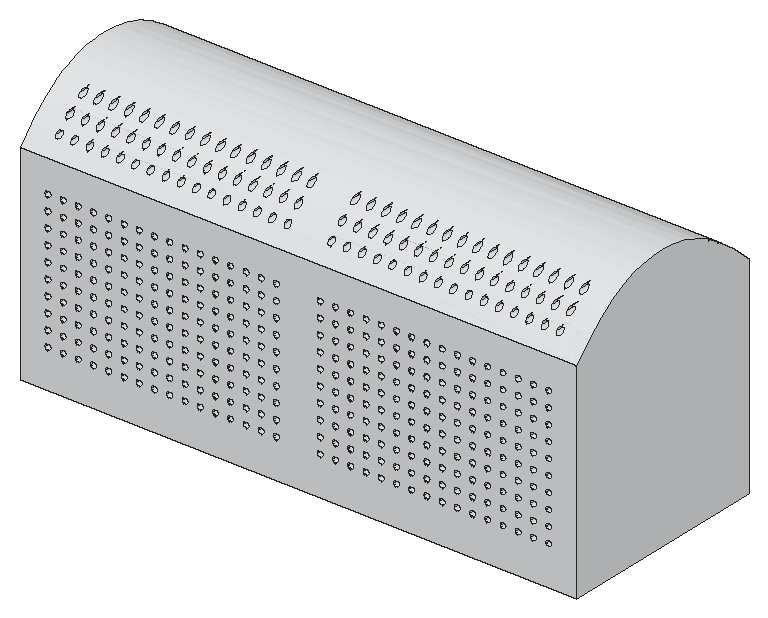
Revit family "DACN0010", category Generic Models, Revit 2017 (continued)
Forms (mm)
  Extrusion 353, void
    sketch origin (653, 0, 97.5) x (1, 0, 0) y (0, 0, 1)
      loop
        circle (-713.993, 289.754) r 5
    from 89.969 to 178.441
  Extrusion 354, void
    sketch origin (678, 0, 97.5) x (1, 0, 0) y (0, 0, 1)
      loop
        circle (-713.993, 289.754) r 5
    from 89.969 to 178.441
  Extrusion 355, void
    sketch origin (303, 0, 77.5) x (1, 0, 0) y (0, 0, 1)
      loop
        circle (-713.993, 289.754) r 5
    from 89.969 to 178.441
  Extrusion 356, void
    sketch origin (328, 0, 77.5) x (1, 0, 0) y (0, 0, 1)
      loop
        circle (-713.993, 289.754) r 5
    from 89.969 to 178.441
  Extrusion 357, void
    sketch origin (353, 0, 77.5) x (1, 0, 0) y (0, 0, 1)
      loop
        circle (-713.993, 289.754) r 5
    from 89.969 to 178.441
  Extrusion 358, void
    sketch origin (378, 0, 77.5) x (1, 0, 0) y (0, 0, 1)
      loop
        circle (-713.993, 289.754) r 5
    from 89.969 to 178.441
  Extrusion 359, void
    sketch origin (403, 0, 77.5) x (1, 0, 0) y (0, 0, 1)
      loop
        circle (-713.993, 289.754) r 5
    from 89.969 to 178.441
  Extrusion 360, void
    sketch origin (428, 0, 77.5) x (1, 0, 0) y (0, 0, 1)
      loop
        circle (-713.993, 289.754) r 5
    from 89.969 to 178.441
  Extrusion 361, void
    sketch origin (453, 0, 77.5) x (1, 0, 0) y (0, 0, 1)
      loop
        circle (-713.993, 289.754) r 5
    from 89.969 to 178.441
  Extrusion 362, void
    sketch origin (478, 0, 77.5) x (1, 0, 0) y (0, 0, 1)
      loop
        circle (-713.993, 289.754) r 5
    from 89.969 to 178.441
  Extrusion 363, void
    sketch origin (503, 0, 77.5) x (1, 0, 0) y (0, 0, 1)
      loop
        circle (-713.993, 289.754) r 5
    from 89.969 to 178.441
  Extrusion 364, void
    sketch origin (528, 0, 77.5) x (1, 0, 0) y (0, 0, 1)
      loop
        circle (-713.993, 289.754) r 5
    from 89.969 to 178.441
  Extrusion 365, void
    sketch origin (553, 0, 77.5) x (1, 0, 0) y (0, 0, 1)
      loop
        circle (-713.993, 289.754) r 5
    from 89.969 to 178.441
  Extrusion 366, void
    sketch origin (578, 0, 77.5) x (1, 0, 0) y (0, 0, 1)
      loop
        circle (-713.993, 289.754) r 5
    from 89.969 to 178.441
  Extrusion 367, void
    sketch origin (603, 0, 77.5) x (1, 0, 0) y (0, 0, 1)
      loop
        circle (-713.993, 289.754) r 5
    from 89.969 to 178.441
  Extrusion 368, void
    sketch origin (628, 0, 77.5) x (1, 0, 0) y (0, 0, 1)
      loop
        circle (-713.993, 289.754) r 5
    from 89.969 to 178.441
  Extrusion 369, void
    sketch origin (653, 0, 77.5) x (1, 0, 0) y (0, 0, 1)
      loop
        circle (-713.993, 289.754) r 5
    from 89.969 to 178.441
  Extrusion 370, void
    sketch origin (678, 0, 77.5) x (1, 0, 0) y (0, 0, 1)
      loop
        circle (-713.993, 289.754) r 5
    from 89.969 to 178.441
  Extrusion 371, void
    sketch origin (750, 0, 77.5) x (1, 0, 0) y (0, 0, 1)
      loop
        circle (-713.993, 289.754) r 5
    from 89.969 to 178.441
  Extrusion 372, void
    sketch origin (750, 0, 97.5) x (1, 0, 0) y (0, 0, 1)
      loop
        circle (-713.993, 289.754) r 5
    from 89.969 to 178.441
  Extrusion 373, void
    sketch origin (750, 0, 117.5) x (1, 0, 0) y (0, 0, 1)
      loop
        circle (-713.993, 289.754) r 5
    from 89.969 to 178.441
  Extrusion 374, void
    sketch origin (775, 0, 117.5) x (1, 0, 0) y (0, 0, 1)
      loop
        circle (-713.993, 289.754) r 5
    from 89.969 to 178.441
  Extrusion 375, void
    sketch origin (800, 0, 117.5) x (1, 0, 0) y (0, 0, 1)
      loop
        circle (-713.993, 289.754) r 5
    from 89.969 to 178.441
  Extrusion 376, void
    sketch origin (825, 0, 117.5) x (1, 0, 0) y (0, 0, 1)
      loop
        circle (-713.993, 289.754) r 5
    from 89.969 to 178.441
  Extrusion 377, void
    sketch origin (850, 0, 117.5) x (1, 0, 0) y (0, 0, 1)
      loop
        circle (-713.993, 289.754) r 5
    from 89.969 to 178.441
  Extrusion 378, void
    sketch origin (875, 0, 117.5) x (1, 0, 0) y (0, 0, 1)
      loop
        circle (-713.993, 289.754) r 5
    from 89.969 to 178.441
  Extrusion 379, void
    sketch origin (900, 0, 117.5) x (1, 0, 0) y (0, 0, 1)
      loop
        circle (-713.993, 289.754) r 5
    from 89.969 to 178.441
  Extrusion 380, void
    sketch origin (925, 0, 117.5) x (1, 0, 0) y (0, 0, 1)
      loop
        circle (-713.993, 289.754) r 5
    from 89.969 to 178.441
  Extrusion 381, void
    sketch origin (950, 0, 117.5) x (1, 0, 0) y (0, 0, 1)
      loop
        circle (-713.993, 289.754) r 5
    from 89.969 to 178.441
  Extrusion 382, void
    sketch origin (975, 0, 117.5) x (1, 0, 0) y (0, 0, 1)
      loop
        circle (-713.993, 289.754) r 5
    from 89.969 to 178.441
  Extrusion 383, void
    sketch origin (1000, 0, 117.5) x (1, 0, 0) y (0, 0, 1)
      loop
        circle (-713.993, 289.754) r 5
    from 89.969 to 178.441
  Extrusion 384, void
    sketch origin (1025, 0, 117.5) x (1, 0, 0) y (0, 0, 1)
      loop
        circle (-713.993, 289.754) r 5
    from 89.969 to 178.441
  Extrusion 385, void
    sketch origin (1050, 0, 117.5) x (1, 0, 0) y (0, 0, 1)
      loop
        circle (-713.993, 289.754) r 5
    from 89.969 to 178.441
  Extrusion 386, void
    sketch origin (1075, 0, 117.5) x (1, 0, 0) y (0, 0, 1)
      loop
        circle (-713.993, 289.754) r 5
    from 89.969 to 178.441
  Extrusion 387, void
    sketch origin (1100, 0, 117.5) x (1, 0, 0) y (0, 0, 1)
      loop
        circle (-713.993, 289.754) r 5
    from 89.969 to 178.441
  Extrusion 388, void
    sketch origin (1125, 0, 117.5) x (1, 0, 0) y (0, 0, 1)
      loop
        circle (-713.993, 289.754) r 5
    from 89.969 to 178.441
  Extrusion 389, void
    sketch origin (775, 0, 97.5) x (1, 0, 0) y (0, 0, 1)
      loop
        circle (-713.993, 289.754) r 5
    from 89.969 to 178.441
  Extrusion 390, void
    sketch origin (800, 0, 97.5) x (1, 0, 0) y (0, 0, 1)
      loop
        circle (-713.993, 289.754) r 5
    from 89.969 to 178.441
  Extrusion 391, void
    sketch origin (825, 0, 97.5) x (1, 0, 0) y (0, 0, 1)
      loop
        circle (-713.993, 289.754) r 5
    from 89.969 to 178.441
  Extrusion 392, void
    sketch origin (850, 0, 97.5) x (1, 0, 0) y (0, 0, 1)
      loop
        circle (-713.993, 289.754) r 5
    from 89.969 to 178.441
  Extrusion 393, void
    sketch origin (875, 0, 97.5) x (1, 0, 0) y (0, 0, 1)
      loop
        circle (-713.993, 289.754) r 5
    from 89.969 to 178.441
  Extrusion 394, void
    sketch origin (900, 0, 97.5) x (1, 0, 0) y (0, 0, 1)
      loop
        circle (-713.993, 289.754) r 5
    from 89.969 to 178.441
  Extrusion 395, void
    sketch origin (925, 0, 97.5) x (1, 0, 0) y (0, 0, 1)
      loop
        circle (-713.993, 289.754) r 5
    from 89.969 to 178.441
  Extrusion 396, void
    sketch origin (950, 0, 97.5) x (1, 0, 0) y (0, 0, 1)
      loop
        circle (-713.993, 289.754) r 5
    from 89.969 to 178.441
  Extrusion 397, void
    sketch origin (975, 0, 97.5) x (1, 0, 0) y (0, 0, 1)
      loop
        circle (-713.993, 289.754) r 5
    from 89.969 to 178.441
  Extrusion 398, void
    sketch origin (1000, 0, 97.5) x (1, 0, 0) y (0, 0, 1)
      loop
        circle (-713.993, 289.754) r 5
    from 89.969 to 178.441
  Extrusion 399, void
    sketch origin (1025, 0, 97.5) x (1, 0, 0) y (0, 0, 1)
      loop
        circle (-713.993, 289.754) r 5
    from 89.969 to 178.441
  Extrusion 400, void
    sketch origin (1050, 0, 97.5) x (1, 0, 0) y (0, 0, 1)
      loop
        circle (-713.993, 289.754) r 5
    from 89.969 to 178.441
  Extrusion 401, void
    sketch origin (1075, 0, 97.5) x (1, 0, 0) y (0, 0, 1)
      loop
        circle (-713.993, 289.754) r 5
    from 89.969 to 178.441
  Extrusion 402, void
    sketch origin (1100, 0, 97.5) x (1, 0, 0) y (0, 0, 1)
      loop
        circle (-713.993, 289.754) r 5
    from 89.969 to 178.441
  Extrusion 403, void
    sketch origin (1125, 0, 97.5) x (1, 0, 0) y (0, 0, 1)
      loop
        circle (-713.993, 289.754) r 5
    from 89.969 to 178.441
  Extrusion 404, void
    sketch origin (775, 0, 77.5) x (1, 0, 0) y (0, 0, 1)
      loop
        circle (-713.993, 289.754) r 5
    from 89.969 to 178.441
  Extrusion 405, void
    sketch origin (800, 0, 77.5) x (1, 0, 0) y (0, 0, 1)
      loop
        circle (-713.993, 289.754) r 5
    from 89.969 to 178.441
  Extrusion 406, void
    sketch origin (825, 0, 77.5) x (1, 0, 0) y (0, 0, 1)
      loop
        circle (-713.993, 289.754) r 5
    from 89.969 to 178.441
  Extrusion 407, void
    sketch origin (850, 0, 77.5) x (1, 0, 0) y (0, 0, 1)
      loop
        circle (-713.993, 289.754) r 5
    from 89.969 to 178.441
  Extrusion 408, void
    sketch origin (875, 0, 77.5) x (1, 0, 0) y (0, 0, 1)
      loop
        circle (-713.993, 289.754) r 5
    from 89.969 to 178.441
  Extrusion 409, void
    sketch origin (900, 0, 77.5) x (1, 0, 0) y (0, 0, 1)
      loop
        circle (-713.993, 289.754) r 5
    from 89.969 to 178.441
  Extrusion 410, void
    sketch origin (925, 0, 77.5) x (1, 0, 0) y (0, 0, 1)
      loop
        circle (-713.993, 289.754) r 5
    from 89.969 to 178.441
  Extrusion 411, void
    sketch origin (950, 0, 77.5) x (1, 0, 0) y (0, 0, 1)
      loop
        circle (-713.993, 289.754) r 5
    from 89.969 to 178.441
  Extrusion 412, void
    sketch origin (975, 0, 77.5) x (1, 0, 0) y (0, 0, 1)
      loop
        circle (-713.993, 289.754) r 5
    from 89.969 to 178.441
  Extrusion 413, void
    sketch origin (1000, 0, 77.5) x (1, 0, 0) y (0, 0, 1)
      loop
        circle (-713.993, 289.754) r 5
    from 89.969 to 178.441
  Extrusion 414, void
    sketch origin (1025, 0, 77.5) x (1, 0, 0) y (0, 0, 1)
      loop
        circle (-713.993, 289.754) r 5
    from 89.969 to 178.441
  Extrusion 415, void
    sketch origin (1050, 0, 77.5) x (1, 0, 0) y (0, 0, 1)
      loop
        circle (-713.993, 289.754) r 5
    from 89.969 to 178.441
  Extrusion 416, void
    sketch origin (1075, 0, 77.5) x (1, 0, 0) y (0, 0, 1)
      loop
        circle (-713.993, 289.754) r 5
    from 89.969 to 178.441
  Extrusion 417, void
    sketch origin (1100, 0, 77.5) x (1, 0, 0) y (0, 0, 1)
      loop
        circle (-713.993, 289.754) r 5
    from 89.969 to 178.441
  Extrusion 418, void
    sketch origin (1125, 0, 77.5) x (1, 0, 0) y (0, 0, 1)
      loop
        circle (-713.993, 289.754) r 5
    from 89.969 to 178.441
Cuts and joins
  Extrusion 2, Extrusion 3, Extrusion 4, Extrusion 5, Extrusion 6, Extrusion 7, Extrusion 8, Extrusion 9, Extrusion 10, Extrusion 11, Extrusion 12, Extrusion 13, Extrusion 14, Extrusion 15, Extrusion 16, Extrusion 17, Extrusion 18, Extrusion 19, Extrusion 20, Extrusion 21, Extrusion 22, Extrusion 23, Extrusion 24, Extrusion 25, Extrusion 26, Extrusion 27, Extrusion 28, Extrusion 29, Extrusion 30, Extrusion 31, Extrusion 33, Extrusion 34, Extrusion 35, Extrusion 36, Extrusion 37, Extrusion 38, Extrusion 39, Extrusion 40, Extrusion 41, Extrusion 42, Extrusion 43, Extrusion 44, Extrusion 45, Extrusion 46, Extrusion 47, Extrusion 48, Extrusion 49, Extrusion 50, Extrusion 51, Extrusion 52, Extrusion 53, Extrusion 54, Extrusion 55, Extrusion 56, Extrusion 57, Extrusion 58, Extrusion 59, Extrusion 60, Extrusion 61, Extrusion 62, Extrusion 63, Extrusion 64, Extrusion 65, Extrusion 66, Extrusion 67, Extrusion 68, Extrusion 69, Extrusion 70, Extrusion 71, Extrusion 72, Extrusion 73, Extrusion 74, Extrusion 75, Extrusion 76, Extrusion 77, Extrusion 78, Extrusion 79, Extrusion 80, Extrusion 81, Extrusion 82, Extrusion 83, Extrusion 84, Extrusion 85, Extrusion 86, Extrusion 87, Extrusion 88, Extrusion 89, Extrusion 90, Extrusion 91, Extrusion 92, Extrusion 93, Extrusion 94, Extrusion 95, Extrusion 96, Extrusion 97, Extrusion 98, Extrusion 99, Extrusion 100, Extrusion 101, Extrusion 102, Extrusion 103, Extrusion 104, Extrusion 105, Extrusion 106, Extrusion 107, Extrusion 108, Extrusion 109, Extrusion 110, Extrusion 111, Extrusion 112, Extrusion 113, Extrusion 114, Extrusion 115, Extrusion 116, Extrusion 117, Extrusion 118, Extrusion 119, Extrusion 120, Extrusion 121, Extrusion 122, Extrusion 123, Extrusion 124, Extrusion 125, Extrusion 126, Extrusion 127, Extrusion 128, Extrusion 129, Extrusion 130, Extrusion 131, Extrusion 132, Extrusion 133, Extrusion 134, Extrusion 135, Extrusion 136, Extrusion 137, Extrusion 138, Extrusion 139, Extrusion 140, Extrusion 141, Extrusion 142, Extrusion 143, Extrusion 144, Extrusion 145, Extrusion 146, Extrusion 147, Extrusion 148, Extrusion 149, Extrusion 150, Extrusion 151, Extrusion 152, Extrusion 153, Extrusion 154, Extrusion 155, Extrusion 156, Extrusion 157, Extrusion 158, Extrusion 159, Extrusion 160, Extrusion 161, Extrusion 162, Extrusion 163, Extrusion 164, Extrusion 165, Extrusion 166, Extrusion 167, Extrusion 168, Extrusion 169, Extrusion 170, Extrusion 171, Extrusion 172, Extrusion 173, Extrusion 174, Extrusion 175, Extrusion 176, Extrusion 177, Extrusion 178, Extrusion 179, Extrusion 180, Extrusion 181, Extrusion 182, Extrusion 183, Extrusion 184, Extrusion 185, Extrusion 186, Extrusion 187, Extrusion 188, Extrusion 189, Extrusion 190, Extrusion 191, Extrusion 192, Extrusion 193, Extrusion 194, Extrusion 195, Extrusion 196, Extrusion 197, Extrusion 198, Extrusion 199, Extrusion 200, Extrusion 201, Extrusion 202, Extrusion 203, Extrusion 204, Extrusion 205, Extrusion 206, Extrusion 207, Extrusion 208, Extrusion 209, Extrusion 210, Extrusion 211, Extrusion 212, Extrusion 213, Extrusion 214, Extrusion 215, Extrusion 216, Extrusion 217, Extrusion 218, Extrusion 219, Extrusion 220, Extrusion 221, Extrusion 222, Extrusion 223, Extrusion 224, Extrusion 225, Extrusion 226, Extrusion 227, Extrusion 228, Extrusion 229, Extrusion 230, Extrusion 231, Extrusion 232, Extrusion 233, Extrusion 234, Extrusion 235, Extrusion 236, Extrusion 237, Extrusion 238, Extrusion 239, Extrusion 240, Extrusion 241, Extrusion 242, Extrusion 243, Extrusion 244, Extrusion 245, Extrusion 246, Extrusion 247, Extrusion 248, Extrusion 249, Extrusion 250, Extrusion 251, Extrusion 252, Extrusion 253, Extrusion 254, Extrusion 255, Extrusion 256, Extrusion 257, Extrusion 258, Extrusion 259, Extrusion 260, Extrusion 261, Extrusion 262, Extrusion 263, Extrusion 264, Extrusion 265, Extrusion 266, Extrusion 267, Extrusion 268, Extrusion 269, Extrusion 270, Extrusion 271, Extrusion 272, Extrusion 273, Extrusion 274, Extrusion 275, Extrusion 276, Extrusion 277, Extrusion 278, Extrusion 279, Extrusion 280, Extrusion 281, Extrusion 282, Extrusion 283, Extrusion 284, Extrusion 285, Extrusion 286, Extrusion 287, Extrusion 288, Extrusion 289, Extrusion 290, Extrusion 291, Extrusion 292, Extrusion 293, Extrusion 294, Extrusion 295, Extrusion 296, Extrusion 297, Extrusion 298, Extrusion 299, Extrusion 300, Extrusion 301, Extrusion 302, Extrusion 303, Extrusion 304, Extrusion 305, Extrusion 306, Extrusion 307, Extrusion 308, Extrusion 309, Extrusion 310, Extrusion 311, Extrusion 312, Extrusion 313, Extrusion 314, Extrusion 315, Extrusion 316, Extrusion 317, Extrusion 318, Extrusion 319, Extrusion 320, Extrusion 321, Extrusion 322, Extrusion 323, Extrusion 324, Extrusion 325, Extrusion 326, Extrusion 327, Extrusion 328, Extrusion 329, Extrusion 330, Extrusion 331, Extrusion 332, Extrusion 333, Extrusion 334, Extrusion 335, Extrusion 336, Extrusion 337, Extrusion 338, Extrusion 339, Extrusion 340, Extrusion 341, Extrusion 342, Extrusion 343, Extrusion 344, Extrusion 345, Extrusion 346, Extrusion 347, Extrusion 348, Extrusion 349, Extrusion 350, Extrusion 351, Extrusion 352, Extrusion 353, Extrusion 354, Extrusion 355, Extrusion 356, Extrusion 357, Extrusion 358, Extrusion 359, Extrusion 360, Extrusion 361, Extrusion 362, Extrusion 363, Extrusion 364, Extrusion 365, Extrusion 366, Extrusion 367, Extrusion 368, Extrusion 369, Extrusion 370, Extrusion 371, Extrusion 372, Extrusion 373, Extrusion 374, Extrusion 375, Extrusion 376, Extrusion 377, Extrusion 378, Extrusion 379, Extrusion 380, Extrusion 381, Extrusion 382, Extrusion 383, Extrusion 384, Extrusion 385, Extrusion 386, Extrusion 387, Extrusion 388, Extrusion 389, Extrusion 390, Extrusion 391, Extrusion 392, Extrusion 393, Extrusion 394, Extrusion 395, Extrusion 396, Extrusion 397, Extrusion 398, Extrusion 399, Extrusion 400, Extrusion 401, Extrusion 402, Extrusion 403, Extrusion 404, Extrusion 405, Extrusion 406, Extrusion 407, Extrusion 408, Extrusion 409, Extrusion 410, Extrusion 411, Extrusion 412, Extrusion 413, Extrusion 414, Extrusion 415, Extrusion 416, Extrusion 417, Extrusion 418 cuts Extrusion 1
Dimensions and locks
  aligned and locked: level to plane 2
